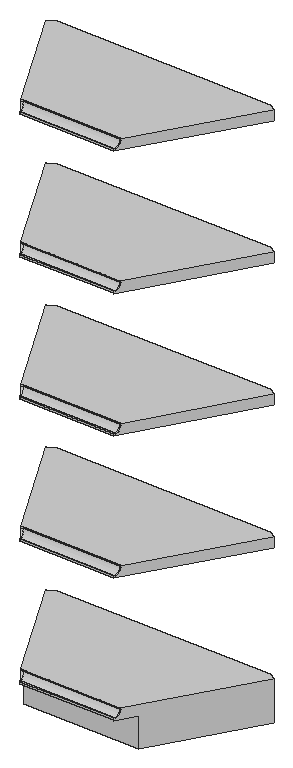
Revit family "YG40", category Specialty Equipment, Revit 2012
Parameters (values of type "Y-Gondola Corner Shelf (Default)")
  URL = "http://www.madixinc.com/display/maxiline/ygondola/index.html"
  Model = "Y-Gondola"
  Manufacturer = "© 2012 Madix, Inc. All rights reserved."
  Base Shelf [instance] = yes
  2' Shelf [instance] = yes
  3' 6" Shelf [instance] = yes
  5' shelf [instance] = yes
  6' 6" Shelf [instance] = yes
Reference planes (in)
  plane 1 "Center (Front/Back)": y = 0
  plane 2: z = 0
  plane 3 "Center (Left/Right)": x = 0
  plane 4: z = 5.5
  plane 5: z = 4.125
  plane 6: z = 23.5
  plane 7: z = 41.5
  plane 8: z = 59.5
  plane 9: z = 77.5
  plane 10: z = 22.125
  plane 11: z = 40.125
  plane 12: z = 58.125
  plane 13: z = 76.125
Forms (in)
  Extrusion 1, solid, material "Metal - Steel", visible <- "Base Shelf"
    sketch origin (17.29727, -18.26998, 0) x (1, 0, 0) y (0, 1, 0)
      loop
        line (-16.21474, 18.26998) -> (-17.29727, 17.64498) -> (-8.35977, 2.16478) -> (-8.10977, 2.30912) -> (5.67996, 2.30931) -> (5.93029, 2.16478) -> (14.86779, 17.64498) -> (13.78526, 18.26998) -> (-16.21474, 18.26998)
    from 4.125 to 5.5
  Sweep 2, solid, material "Metal - Steel", visible <- "Base Shelf"
    path in 3D
      loop
        line (8.9375, -16.1052, 5.5) -> (9.1875, -15.96087, 5.5) -> (22.97723, -15.96067, 5.5) -> (23.22756, -16.1052, 5.5)
    profile origin (9.0625, -16.03304, 5.5) x (-0.5, 0.866025, 0) y (0, 0, 1)
      loop
        line (0, 0) -> (-0.25, 0) -> (-0.25, -0.125) -> (-0.125, -0.125)
        arc (-0.125, -0.125) -> (-0.38696, -0.76286) -> (-0.875, -1.25) r 1.75
        line (-0.875, -1.25) -> (-0.875, -1.125) -> (-1, -1.125) -> (-1, -1.375) -> (0, -1.375) -> (0, 0)
  Extrusion 3, solid, material "Metal - Steel", visible <- "Base Shelf"
    sketch origin (0, -0.625, 0) x (0.5, -0.866025, 0) y (0.866025, 0.5, 0)
      loop
        line (0, 0) -> (16, 0) -> (24.08253, 13.99936) -> (16.08253, 27.85576) -> (15, 27.23076) -> (0, 1.25) -> (0, 0)
    from 0 to 4.125
  Extrusion 4, solid, material "Metal - Steel", visible <- "2' Shelf"
    sketch origin (0, -0.625, 0) x (0.5, -0.866025, 0) y (0.866025, 0.5, 0)
      loop
        line (0, 1.24916) -> (0, 0) -> (17.875, 0) -> (17.875, 0.28868) -> (24.7697, 12.23103) -> (25.02003, 12.37556) -> (16.08253, 27.85576) -> (15, 27.23076) -> (0, 1.24916)
    from 22.125 to 23.5
  Extrusion 5, solid, material "Metal - Steel", visible <- "3' 6" Shelf"
    sketch origin (0, -0.625, 0) x (0.5, -0.866025, 0) y (0.866025, 0.5, 0)
      loop
        line (0, 1.24916) -> (0, 0) -> (17.875, 0) -> (17.875, 0.28868) -> (24.7697, 12.23103) -> (25.02003, 12.37556) -> (16.08253, 27.85576) -> (15, 27.23076) -> (0, 1.24916)
    from 40.125 to 41.5
  Extrusion 6, solid, material "Metal - Steel", visible <- "5' shelf"
    sketch origin (0, -0.625, 0) x (0.5, -0.866025, 0) y (0.866025, 0.5, 0)
      loop
        line (0, 1.24916) -> (0, 0) -> (17.875, 0) -> (17.875, 0.28868) -> (24.7697, 12.23103) -> (25.02003, 12.37556) -> (16.08253, 27.85576) -> (15, 27.23076) -> (0, 1.24916)
    from 58.125 to 59.5
  Extrusion 7, solid, material "Metal - Steel", visible <- "6' 6" Shelf"
    sketch origin (0, -0.625, 0) x (0.5, -0.866025, 0) y (0.866025, 0.5, 0)
      loop
        line (17.875, 0.28868) -> (24.7697, 12.23103) -> (25.02003, 12.37556) -> (16.08235, 27.85608) -> (14.99964, 27.23097) -> (0, 1.25) -> (0, 0) -> (17.875, 0) -> (17.875, 0.28868)
    from 76.125 to 77.5
  Sweep 8, solid, material "Metal - Steel", visible <- "2' Shelf"
    path in 3D
      loop
        line (8.9375, -16.1052, 23.5) -> (9.1875, -15.96087, 23.5) -> (22.97723, -15.96067, 23.5) -> (23.22756, -16.1052, 23.5)
    profile origin (9.0625, -16.03304, 23.5) x (-0.5, 0.866025, 0) y (0, 0, 1)
      loop
        line (0, 0) -> (-0.25, 0) -> (-0.25, -0.125) -> (-0.125, -0.125)
        arc (-0.125, -0.125) -> (-0.38696, -0.76286) -> (-0.875, -1.25) r 1.75
        line (-0.875, -1.25) -> (-0.875, -1.125) -> (-1, -1.125) -> (-1, -1.375) -> (0, -1.375) -> (0, 0)
  Sweep 9, solid, material "Metal - Steel", visible <- "3' 6" Shelf"
    path in 3D
      loop
        line (8.9375, -16.1052, 41.5) -> (9.1875, -15.96087, 41.5) -> (22.97723, -15.96067, 41.5) -> (23.22756, -16.1052, 41.5)
    profile origin (9.0625, -16.03304, 41.5) x (-0.5, 0.866025, 0) y (0, 0, 1)
      loop
        arc (-0.125, -0.125) -> (-0.38696, -0.76286) -> (-0.875, -1.25) r 1.75
        line (-0.875, -1.25) -> (-0.875, -1.125) -> (-1, -1.125) -> (-1, -1.375) -> (0, -1.375) -> (0, 0) -> (-0.25, 0) -> (-0.25, -0.125) -> (-0.125, -0.125)
  Sweep 10, solid, material "Metal - Steel", visible <- "5' shelf"
    path in 3D
      loop
        line (8.9375, -16.1052, 59.5) -> (9.1875, -15.96087, 59.5) -> (22.97723, -15.96067, 59.5) -> (23.22756, -16.1052, 59.5)
    profile origin (9.0625, -16.03304, 59.5) x (-0.5, 0.866025, 0) y (0, 0, 1)
      loop
        arc (-0.125, -0.125) -> (-0.38696, -0.76286) -> (-0.875, -1.25) r 1.75
        line (-0.875, -1.25) -> (-0.875, -1.125) -> (-1, -1.125) -> (-1, -1.375) -> (0, -1.375) -> (0, 0) -> (-0.25, 0) -> (-0.25, -0.125) -> (-0.125, -0.125)
  Sweep 11, solid, material "Metal - Steel", visible <- "6' 6" Shelf"
    path in 3D
      loop
        line (8.9375, -16.1052, 77.5) -> (9.1875, -15.96087, 77.5) -> (22.97723, -15.96067, 77.5) -> (23.22756, -16.1052, 77.5)
    profile origin (9.0625, -16.03304, 77.5) x (-0.5, 0.866025, 0) y (0, 0, 1)
      loop
        arc (-0.125, -0.125) -> (-0.38696, -0.76286) -> (-0.875, -1.25) r 1.75
        line (-0.875, -1.25) -> (-0.875, -1.125) -> (-1, -1.125) -> (-1, -1.375) -> (0, -1.375) -> (0, 0) -> (-0.25, 0) -> (-0.25, -0.125) -> (-0.125, -0.125)
Cuts and joins
  joined: Extrusion 1, Sweep 2, Extrusion 3
  joined: Extrusion 4, Sweep 8
  joined: Extrusion 5, Sweep 9
  joined: Extrusion 6, Sweep 10
  joined: Extrusion 7, Sweep 11
Lines and regions (in)
  sketch lines
    curve 1: line (8.9375, -16.1052, 5.5) -> (9.1875, -15.96087, 5.5)
    curve 2: line (9.1875, -15.96087, 5.5) -> (22.97723, -15.96067, 5.5)
    curve 3: line (22.97723, -15.96067, 5.5) -> (23.22756, -16.1052, 5.5)
    curve 4: line (8.9375, -16.1052, 23.5) -> (9.1875, -15.96087, 23.5)
    curve 5: line (9.1875, -15.96087, 23.5) -> (22.97723, -15.96067, 23.5)
    curve 6: line (22.97723, -15.96067, 23.5) -> (23.22756, -16.1052, 23.5)
    curve 7: line (8.9375, -16.1052, 41.5) -> (9.1875, -15.96087, 41.5)
    curve 8: line (9.1875, -15.96087, 41.5) -> (22.97723, -15.96067, 41.5)
    curve 9: line (22.97723, -15.96067, 41.5) -> (23.22756, -16.1052, 41.5)
    curve 10: line (8.9375, -16.1052, 59.5) -> (9.1875, -15.96087, 59.5)
    curve 11: line (9.1875, -15.96087, 59.5) -> (22.97723, -15.96067, 59.5)
    curve 12: line (22.97723, -15.96067, 59.5) -> (23.22756, -16.1052, 59.5)
    curve 13: line (8.9375, -16.1052, 77.5) -> (9.1875, -15.96087, 77.5)
    curve 14: line (9.1875, -15.96087, 77.5) -> (22.97723, -15.96067, 77.5)
    curve 15: line (22.97723, -15.96067, 77.5) -> (23.22756, -16.1052, 77.5)
Dimensions and locks (in)
  aligned and locked: level to plane 2
